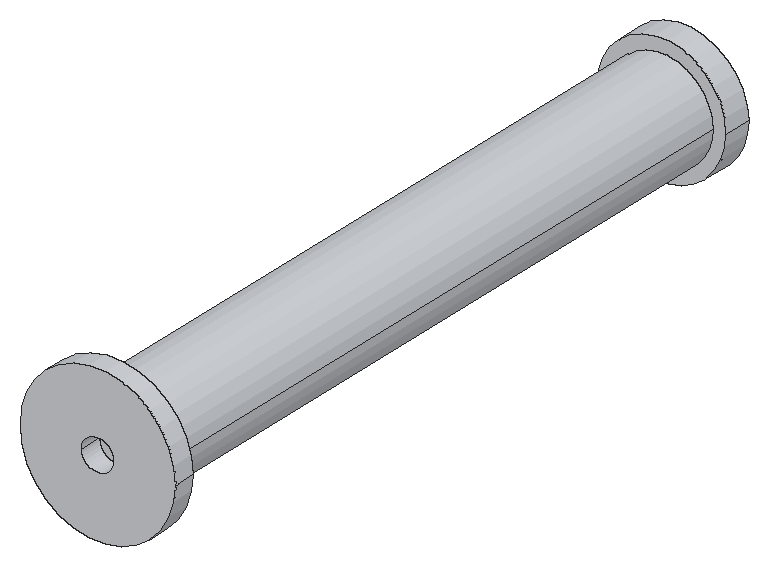
Revit family "AX7140_0006", category Appareils sanitaires, Revit 2016
Family settings
  Hôte = Mur
  Type d'élément = Normal
  Cote de connecteur circulaire = Utiliser le diamètre
  Numéro OmniClass = 23.75.00.00
  Titre OmniClass = Climate Control (HVAC)
  Toujours verticalement = Oui
  Couper avec des vides une fois chargée = Non
  Partagée = Non
  Point de calcul de pièce = Non
Parameters (values of type "Type 1")
  URL = "https://www.axeuro.com/fr/distributeurs-de-papier-toilette/24025-porte-rouleau-de-reserve-ax7140.html?search_query=ax7140&results=2"
  Type de produit / Type of product = "Porte-rouleau de réserve / Spare toilet tissue holder"  # constant formula
  Référence / Reference = "AX7140, AX7140P"  # constant formula
  Model = ""
  Manufacturer = ""
  Entreprise / Company = "Axeuro"  # constant formula
  Description = ""
Reference planes
  plane 1 "Mur": y = 0
  plane 2 "Centre (gauche/droite)": x = 0
  plane 3 "Arrière": y = 75
Forms (mm)
  Extrusion 1, solid
    sketch origin (0, 211.96, 0) x (-1, 0, 0) y (0, 0, 1)
      loop
        circle (0, 1534.721) r 12
    from -5.194 to 0
  Extrusion 2, solid
    sketch origin (0, 211.96, 0) x (-1, 0, 0) y (0, 0, 1)
      loop
        circle (0, 1534.721) r 9.5
    from -132.918 to -5.194
  Extrusion 3, solid
    sketch origin (0, 211.96, 0) x (-1, 0, 0) y (0, 0, 1)
      loop
        circle (0, 1534.721) r 14.5
    from -136.96 to -132.918
  Extrusion 4, void
    sketch origin (0, 286.96, 0) x (-1, 0, 0) y (0, 0, 1)
      loop
        circle (0, 1534.721) r 3
    from -211.96 to -207.918
  Extrusion 5, solid
    sketch origin (0, 285.613, 0) x (-1, 0, 0) y (0, -1, 0)
      loop
        circle (0, 202.051) r 1.5
    from 1525.165 to 1526.324
Cuts and joins
  Extrusion 4 cuts Extrusion 1
  Extrusion 4 cuts Extrusion 3
Text (mm)
  text "Côté de la mise en place" at (-1820.995, 1116.779, 0), in view "Niveau de réf."
  text "Côté de la mise en place" at (0, 1334.055, 2976.191), in view "Gauche"
  text "Côté de la mise en place" at (0, 439.194, 2944.362), in view "Droite"
Dimensions and locks
  locked: plane 3 "Arrière" to host wall
  aligned and locked: plane 1 "Mur" to host wall
